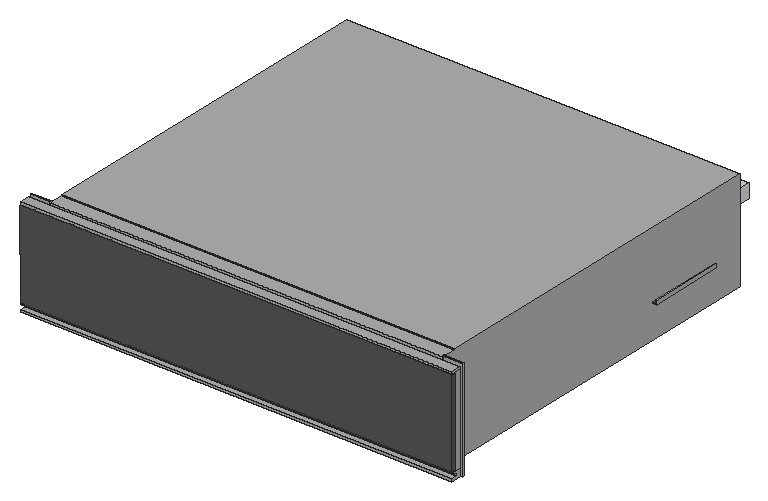
Revit family "Family - VB60SMB1-VB60SMG1 ", category Generic Models, Revit 2020
Family settings
  Can host rebar = No
  Round Connector Dimension = Use Diameter
  Part Type = Normal
  Work Plane-Based = No
  Always vertical = Yes
  Cut with Voids When Loaded = No
  Shared = No
  Room Calculation Point = No
Parameters (values of type "VB60SMB1")
  URL = "www.fisherpaykel.com"
  Product - Overall width = 596 mm  # constant formula
  Product - Overall depth = 565 mm  # constant formula
  Product - Overall Height = 140 mm  # constant formula
  Model = "VB60SMB1"
  Material - Chassis = Fisher & Paykel - Aluminium
  Manufacturer = "Fisher & Paykel Appliances"
  Material - Glass = Fisher & Paykel - Glass, Black
  Description = "Vacuum Drawer, 60cm"
  Default Elevation = 0 mm
  Connector Note = "220-240 V, 50 Hz, 10 A"
  Chassis - width (includes side brackets) = 556 mm  # constant formula
  Chassis - Depth (including power plug, excluding flange) = 545 mm  # constant formula
  Chassis - Depth = 546 mm  # constant formula
  Cavity - Minimum width = 560 mm  # constant formula
  Cavity - Minimum Height = 142 mm  # constant formula
  Cavity - Minimum Depth = 550 mm  # constant formula
Types (3, lengths in mm): name | Model | Material - Glass
  (no name) | "VB60SMB1" | Fisher & Paykel - Glass, Black
  VB60SMB1 | "VB60SMB1" | Fisher & Paykel - Glass, Black
  VB60SMG1 | "VB60SMG1" | Fisher & Paykel - Glass, Grey
Reference planes
  plane 1 "Center (Front/Back)": y = 0
  plane 2: z = 0
  plane 3 "Center (Left/Right)": x = 0
  plane 4 "Chassis LHS": x = -278
  plane 5 "Chassis RHS": x = 278
  plane 6 "Chassis Depth": y = 545
  plane 7 "Cavity LHS": x = -280
  plane 8 "Cavity RHS": x = 280
  plane 9 "Cavity Depth": y = 550
  plane 10 "Cavity Height": z = 142
  plane 11 "Product Height": z = 140
  plane 12: x = -298
  plane 13: x = 298
  plane 14: y = 510
  plane 15: x = -271
  plane 16: x = 271
  plane 17: y = 358
  plane 18: y = -20
  plane 19: y = 460
  plane 20: y = -433.9
Forms (mm)
  Extrusion 1, solid, material "Fisher & Paykel - Aluminium" <- "Material - Chassis"
    sketch origin (278, 0, 0) x (0, -1, 0) y (0, 0, 1)
      loop
        line (2, 139) -> (-18, 139) -> (-18, 140) -> (-510, 140) -> (-510, 0) -> (2, 0) -> (2, 139)
    from 7 to 549
  Extrusion 2, solid, material "Fisher & Paykel - Aluminium" <- "Material - Chassis"
    sketch origin (0, 0, 0) x (1, 0, 0) y (0, 1, 0)
      loop
        line (271, 0) -> (271, -2) -> (298, -2) -> (298, 0) -> (271, 0)
      loop
        line (-271, 0) -> (-298, 0) -> (-298, -2) -> (-271, -2) -> (-271, 0)
    from 0 to 140
  Extrusion 3, solid, material "Fisher & Paykel - Aluminium" <- "Material - Chassis"
    sketch origin (298, -1524, 425.869) x (0, 0, 1) y (0, 1, 0)
      loop
        line (-414.269, 1518) -> (-414.269, 1508.1) -> (-290.869, 1508.1) -> (-290.869, 1518) -> (-414.269, 1518)
    from 0.5 to 595.5
  Extrusion 4, solid, material "Fisher & Paykel - Aluminium" <- "Material - Chassis"
    sketch origin (298, -1524, 425.869) x (0, 0, 1) y (0, 1, 0)
      loop
        line (-287.869, 1504.1) -> (-287.869, 1518) -> (-290.869, 1518) -> (-290.869, 1504.1) -> (-287.869, 1504.1)
    from 0 to 596
  Extrusion 5, solid, material "Fisher & Paykel - Aluminium" <- "Material - Chassis"
    sketch origin (298, -1524, 425.869) x (0, 0, 1) y (0, 1, 0)
      loop
        line (-417.269, 1509.4) -> (-414.269, 1505.774) -> (-414.269, 1518) -> (-423.869, 1518) -> (-423.869, 1504.1) -> (-420.869, 1504.1) -> (-420.869, 1513) -> (-417.269, 1513) -> (-417.269, 1509.4)
    from 0 to 596
  Extrusion 6, solid, material "Fisher & Paykel - Glass, Black" <- "Material - Glass"
    sketch origin (0, 0, 0) x (1, 0, 0) y (0, 0, 1)
      loop
        line (296, 11.6) -> (298, 13.6) -> (298, 133.6) -> (296.6, 135) -> (0, 135) -> (-296.6, 135) -> (-298, 133.6) -> (-298, 13.6) -> (-296, 11.6) -> (0, 11.6) -> (296, 11.6)
    from 15.9 to 19.9
  Extrusion 7, solid
    sketch origin (7, 510, 1200) x (1, 0, 0) y (0, 0, 1)
      loop
        line (248, -1092) -> (223, -1092) -> (223, -1111) -> (248, -1111) -> (248, -1092)
    from -35 to 0
  Extrusion 8, solid
    sketch origin (230, 510, 108) x (0, 0, -1) y (0, -1, 0)
      loop
        circle (9.5, -26) r 7.931
    from 0 to 40
  Extrusion 9, void, detail levels coarse
    sketch origin (0, 0, 0) x (1, 0, 0) y (0, 1, 0)
      loop
        line (280, 550) -> (-280, 550) -> (-280, 0) -> (280, 0) -> (280, 550)
    from 0 to 142
  Extrusion 10, void
    sketch origin (0, 0, 0) x (1, 0, 0) y (0, 0, 1)
      loop
        line (-264.5, 5) -> (264.5, 5) -> (264.5, 119) -> (-264.5, 119) -> (-264.5, 5)
    from -2.075 to 2
  Extrusion 11, solid, material "Fisher & Paykel - Aluminium" <- "Material - Chassis"
    sketch origin (0, 0, 0) x (1, 0, 0) y (0, 0, 1)
      loop
        line (265.5, 5) -> (265.5, 120) -> (-265.5, 120) -> (-265.5, 5) -> (265.5, 5)
    from 2 to 6
  Extrusion 12, solid
    sketch origin (278, 510, 140) x (0, 0, -1) y (-1, 0, 0)
      loop
        circle (67, 398) r 22.378
    from 0 to 18
  Extrusion 13, solid, material "Fisher & Paykel - Aluminium" <- "Material - Chassis"
    sketch origin (-276.5, 358, 1200) x (-1, 0, 0) y (0, 0, 1)
      loop
        line (-547.5, -1151) -> (-553.5, -1151) -> (-553.5, -1147) -> (-554.5, -1147) -> (-554.5, -1152) -> (-547.5, -1152) -> (-547.5, -1151)
      loop
        line (-5.5, -1151) -> (-5.5, -1152) -> (1.5, -1152) -> (1.5, -1147) -> (0.5, -1147) -> (0.5, -1151) -> (-5.5, -1151)
    from 0 to 102
  Extrusion 14, solid, material "Fisher & Paykel - Clearance Required", detail levels coarse
    sketch origin (0, 0, 0) x (1, 0, 0) y (0, 1, 0)
      loop
        line (-298, -20) -> (-298, -433.9) -> (298, -433.9) -> (298, -20) -> (-298, -20)
    from 2 to 138
Cuts and joins
  Extrusion 10 cuts Extrusion 1
  Extrusion 10 cuts Extrusion 3
  Extrusion 10 cuts Extrusion 5
  Extrusion 10 cuts Extrusion 6
Dimensions and locks
  equal spacing: plane 4 "Chassis LHS", plane 3 "Center (Left/Right)", plane 5 "Chassis RHS", locked at 278 each
  "Chassis - width (includes side brackets)": plane 4 "Chassis LHS" to plane 5 "Chassis RHS"
  "Cavity - Minimum width": plane 7 "Cavity LHS" to plane 8 "Cavity RHS"
  "Cavity - Minimum Depth": plane 9 "Cavity Depth" to plane 1 "Center (Front/Back)"
  "Cavity - Minimum Height": plane 10 "Cavity Height" to level
  "Product - Overall Height": plane 11 "Product Height" to level
  equal spacing: plane 13, plane 3 "Center (Left/Right)", plane 12, locked at 298 each
  "Product - Overall width": plane 12 to plane 13
  "Chassis - Depth (including power plug, excluding flange)": plane 1 "Center (Front/Back)" to plane 6 "Chassis Depth"
  Extrusion 1 to Extrusion 7 = 35 mm
  locked: Extrusion 7 to Extrusion 7 at 19
  locked: Extrusion 8 to Extrusion 7 at 40
  "Product - Overall depth": plane 18 to plane 6 "Chassis Depth"
  locked: cut or joined group of Extrusion 5, Extrusion 10 to Extrusion 4 at 136
  locked: plane 1 "Center (Front/Back)" to plane 17 at 358
  locked: plane 17 to plane 19 at 102
  locked: plane 17 to plane 1 "Center (Front/Back)" at 358
  aligned and locked: level to plane 2
  aligned and locked: plane 11 "Product Height" to Extrusion 1 sketch curve
  aligned and locked: level to Extrusion 1 sketch curve
  aligned and locked: plane 13 to Extrusion 2 sketch curve
  aligned and locked: Extrusion 6 sketch curve to plane 13
  aligned and locked: Extrusion 9 sketch curve to plane 9 "Cavity Depth"
  aligned and locked: Extrusion 9 sketch curve to plane 1 "Center (Front/Back)"
  aligned and locked: plane 10 "Cavity Height" to Extrusion 9
  aligned and locked: Extrusion 7 to Extrusion 1
  aligned and locked: Extrusion 8 to Extrusion 7
  aligned and locked: plane 14 to Extrusion 7
  aligned and locked: cut or joined group of Extrusion 5, Extrusion 10 to Extrusion 11 sketch curve
  aligned and locked: Extrusion 2 to Extrusion 11
  aligned and locked: Extrusion 11 to Extrusion 4
  aligned and locked: Extrusion 1 to plane 15
  aligned and locked: Extrusion 1 to plane 16
  aligned and locked: Extrusion 7 to plane 6 "Chassis Depth"
  aligned and locked: Extrusion 12 to cut or joined group of Extrusion 1, Extrusion 10
  aligned and locked: cut or joined group of Extrusion 1, Extrusion 10 to Extrusion 13 sketch curve
  aligned and locked: Extrusion 13 to cut or joined group of Extrusion 1, Extrusion 10
  aligned and locked: plane 19 to Extrusion 13
  aligned and locked: Extrusion 9 sketch curve to plane 7 "Cavity LHS"
  aligned and locked: Extrusion 2 to cut or joined group of Extrusion 1, Extrusion 10
  aligned and locked: Extrusion 2 sketch curve to cut or joined group of Extrusion 1, Extrusion 10
  aligned and locked: plane 1 "Center (Front/Back)" to Extrusion 2 sketch curve
  aligned and locked: Extrusion 13 to plane 17
  aligned and locked: Extrusion 14 sketch curve to plane 12
  aligned and locked: Extrusion 14 sketch curve to plane 18
  aligned and locked: plane 13 to Extrusion 14 sketch curve
  aligned and locked: Extrusion 14 sketch curve to plane 20
  aligned and locked: Extrusion 14 to cut or joined group of Extrusion 5, Extrusion 10
  aligned and locked: Extrusion 4 to Extrusion 14
Automatic sketch dimensions
  plane 1 "Center (Front/Back)" to Extrusion 1 sketch curve = 2 mm
  Extrusion 1 sketch curve to plane 11 "Product Height" = 1 mm
  Extrusion 1 sketch curve to plane 1 "Center (Front/Back)" = 18 mm
  Extrusion 3 sketch curve to plane 1 "Center (Front/Back)" = 6 mm
  Extrusion 6 sketch curve to plane 12 = 0 mm
  plane 12 to Extrusion 6 sketch curve = 1.4 mm
  plane 12 to Extrusion 6 sketch curve = 2 mm
  plane 3 "Center (Left/Right)" to Extrusion 6 sketch curve = 0 mm  (x2)
  plane 13 to Extrusion 6 sketch curve = 1.4 mm
  Extrusion 6 sketch curve to Extrusion 6 sketch curve = 2 mm  (x2)
  Extrusion 6 sketch curve to Extrusion 6 sketch curve = 1.4 mm  (x2)
  Extrusion 8 sketch curve to Extrusion 7 = 9.5 mm
  Extrusion 7 to Extrusion 8 sketch curve = 9 mm
  Extrusion 1 sketch curve to plane 14 = 0 mm
  Extrusion 3 sketch curve to level = 11.6 mm
  plane 11 "Product Height" to Extrusion 3 sketch curve = 5 mm
  Extrusion 3 sketch curve to Extrusion 3 sketch curve = 9.9 mm
  plane 11 "Product Height" to Extrusion 4 sketch curve = 5 mm
  plane 11 "Product Height" to Extrusion 4 sketch curve = 2 mm
  Extrusion 4 sketch curve to plane 1 "Center (Front/Back)" = 6 mm
  Extrusion 4 sketch curve to Extrusion 4 sketch curve = 13.9 mm
  Extrusion 5 sketch curve to level = 2 mm
  Extrusion 5 sketch curve to Extrusion 5 sketch curve = 3 mm  (x2)
  Extrusion 5 sketch curve to Extrusion 5 sketch curve = 3.6 mm  (x2)
  Extrusion 5 sketch curve to plane 1 "Center (Front/Back)" = 6 mm
  Extrusion 5 sketch curve to Extrusion 5 sketch curve = 5 mm
  Extrusion 5 sketch curve to Extrusion 5 sketch curve = 3.626 mm
  Extrusion 5 sketch curve to Extrusion 5 sketch curve = 5.3 mm
  plane 13 to Extrusion 6 sketch curve = 2 mm
  level to Extrusion 6 sketch curve = 11.6 mm
  Extrusion 6 sketch curve to plane 11 "Product Height" = 6.4 mm
  Extrusion 10 sketch curve to plane 11 "Product Height" = 21 mm
  level to Extrusion 10 sketch curve = 5 mm
  Extrusion 10 sketch curve to plane 4 "Chassis LHS" = 13.5 mm
  plane 5 "Chassis RHS" to Extrusion 10 sketch curve = 13.5 mm
  plane 5 "Chassis RHS" to Extrusion 11 sketch curve = 12.5 mm
  Extrusion 11 sketch curve to plane 4 "Chassis LHS" = 12.5 mm
  Extrusion 11 sketch curve to plane 11 "Product Height" = 20 mm
  Extrusion 7 sketch curve to plane 16 = 16 mm
  Extrusion 7 sketch curve to Extrusion 7 sketch curve = 19 mm
  Extrusion 1 to Extrusion 12 sketch curve = 67 mm
  Extrusion 1 to Extrusion 12 sketch curve = 151 mm
  Extrusion 7 sketch curve to Extrusion 7 sketch curve = 25 mm
  Extrusion 7 sketch curve to plane 11 "Product Height" = 51 mm
  Extrusion 13 sketch curve to plane 15 = 0 mm
  plane 8 "Cavity RHS" to Extrusion 13 sketch curve = 3 mm
  Extrusion 13 sketch curve to Extrusion 13 sketch curve = 1 mm  (x4)
  plane 7 "Cavity LHS" to Extrusion 13 sketch curve = 3 mm
  level to Extrusion 13 sketch curve = 48 mm  (x2)
  Extrusion 13 sketch curve to Extrusion 13 sketch curve = 4 mm  (x2)
  Extrusion 9 sketch curve to plane 8 "Cavity RHS" = 0 mm
  plane 1 "Center (Front/Back)" to Extrusion 2 sketch curve = 0 mm
  Extrusion 2 sketch curve to plane 12 = 0 mm
  Extrusion 2 sketch curve to plane 15 = 0 mm
  Extrusion 2 sketch curve to Extrusion 2 sketch curve = 2 mm
  plane 1 "Center (Front/Back)" to Extrusion 2 sketch curve = 2 mm
  Extrusion 14 sketch curve to plane 12 = 0 mm
  radius of Extrusion 8 sketch curve = 7.931 mm
  radius of Extrusion 12 sketch curve = 22.378 mm
Connectors
  electrical at (190, 536, 98.5), driven by "Connector Note"
    settings: on Extrusion 8, index 1, voltage 0 V, apparent load 0 VA, apparent load phase1 0 VA, apparent load phase2 0 VA, apparent load phase3 0 VA, power factor 1, load classification "Other", number of poles 1, system type 31, power factor state 1, is connector primary yes, connector utility no, sub classification motor no, connector description "220-240 V, 50 Hz, 10 A"
